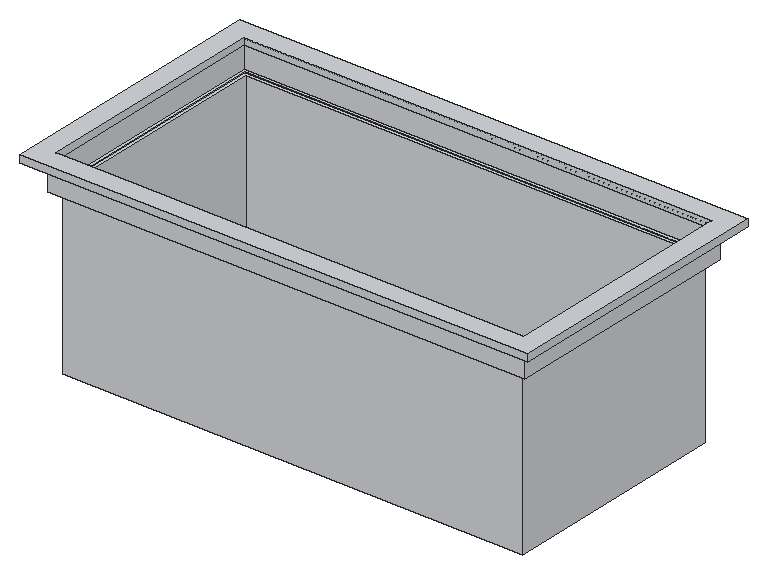
Revit family "Gira_289700", category Electrical Fixtures, host Face, Revit 2017
Family settings
  Host = Face
  Maintain Annotation Orientation = No
  Round Connector Dimension = Use Diameter
  Part Type = Normal
  Cut with Voids When Loaded = No
  Shared = No
  Room Calculation Point = No
Parameters (values of type "Gerätedose 2f flach Gira E22")
  Werkstoff = "Kunststoff"
  URL = "http://katalog.gira.de/de_DE/datenblatt.html?artikelnr=289700"
  Schutzart (IP) = "IP20"
  Region = "DE"
  Name = "Gerätedose 2f flach Gira E22"
  Montageart = "Hohlwand"
  Manufacturer URL = "https://www.gira.de/"
  Keynote = "E22flach_Gerätedose_2fach"
  HeinzeBIM = "https://bimportal.heinze.de/bim/geraetedose-2f-flach-gira-e22/c4a1bf5bccfb53b4f400ba888658c322ed719132"
  Halogenfrei = "No"
  HAN = "289700"
  GTIN = "4010337066521"
  Form = "quadratisch"
  Default Elevation = 1219.2 mm
  Data sheet (1) = "https://katalog.gira.de/de_DE/download.html?artikelnr=289700"
  Category = "Dose, Gehäuse für Montage in der Wand/Decke"
  Bestückung = "ohne"
  Befestigung der Geräte = "schrauben"
  Bauform = "Geräte-Verbindungsdose/-kasten"
  Available = "Yes"
  Ausführung = "sonstige"
Reference planes
  plane 1 "Center (Front/Back)": y = 0
  plane 2: z = 0
  plane 3 "Center (Left/Right)": x = 0
Forms (mm)
  Extrusion 1, solid, detail levels fine
    sketch origin (0, 0, 0) x (1, 0, 0) y (0, 1, 0)
      loop
        line (-77.5, -42) -> (77.5, -42) -> (77.5, 42) -> (-77.5, 42) -> (-77.5, -42)
      loop
        line (-71.457, 35.957) -> (-71.457, -35.957) -> (71.457, -35.957) -> (71.457, 35.957) -> (-71.457, 35.957)
    from -1 to 1
  Extrusion 2, solid, detail levels fine
    sketch origin (0, 0, 0) x (1, 0, 0) y (0, 1, 0)
      loop
        line (-72.8, 37.2) -> (-72.8, -37.2) -> (72.8, -37.2) -> (72.8, 37.2) -> (-72.8, 37.2)
      loop
        line (-71.457, 35.957) -> (-71.457, -35.957) -> (71.457, -35.957) -> (71.457, 35.957) -> (-71.457, 35.957)
    from -9.5 to 0
  Extrusion 3, solid, detail levels fine
    sketch origin (0, 0, 0) x (1, 0, 0) y (0, 1, 0)
      loop
        line (70.25, 34.75) -> (-70.25, 34.75) -> (-70.25, -34.75) -> (70.25, -34.75) -> (70.25, 34.75)
      loop
        line (-68.902, 33.301) -> (-68.902, -33.301) -> (68.801, -33.301) -> (68.801, 33.301) -> (-68.902, 33.301)
    from -59.5 to -7.5
  Extrusion 4, solid, detail levels fine
    sketch origin (0, 0, 0) x (1, 0, 0) y (0, 1, 0)
      loop
        line (-68.902, 33.301) -> (-68.902, -33.301) -> (68.801, -33.301) -> (68.801, 33.301) -> (-68.902, 33.301)
    from -59.5 to -57.5
  Extrusion 5, solid, detail levels fine
    sketch origin (0, 0, 0) x (1, 0, 0) y (0, 1, 0)
      loop
        line (-70.25, -34.75) -> (70.25, -34.75) -> (70.25, 34.75) -> (-70.25, 34.75) -> (-70.25, -34.75)
      loop
        line (-71.457, -35.957) -> (71.457, -35.957) -> (71.457, 35.957) -> (-71.457, 35.957) -> (-71.457, -35.957)
    from -9.5 to -7.5
  Extrusion 6, solid, detail levels coarse
    sketch origin (0, 0, 0) x (1, 0, 0) y (0, 1, 0)
      loop
        line (-77.5, -42) -> (77.5, -42) -> (77.5, 42) -> (-77.5, 42) -> (-77.5, -42)
    from -59.5 to 1
  Extrusion 7, solid, detail levels medium
    sketch origin (4.676, 0, 0) x (1, 0, 0) y (0, 1, 0)
      loop
        line (-82.176, -42) -> (72.824, -42) -> (72.824, 42) -> (-82.176, 42) -> (-82.176, -42)
    from -1 to 1
  Extrusion 8, solid, detail levels medium
    sketch origin (0, 0, 0) x (1, 0, 0) y (0, 1, 0)
      loop
        line (70.25, 34.75) -> (-70.25, 34.75) -> (-70.25, -34.75) -> (70.25, -34.75) -> (70.25, 34.75)
    from -59.5 to -9.5
  Extrusion 9, solid, detail levels medium
    sketch origin (0, 0, 0) x (1, 0, 0) y (0, 1, 0)
      loop
        line (-72.8, 37.2) -> (-72.8, -37.2) -> (72.8, -37.2) -> (72.8, 37.2) -> (-72.8, 37.2)
    from -9.5 to 0
Dimensions and locks
  aligned and locked: plane 2 to host face
  aligned and locked: level to host face
